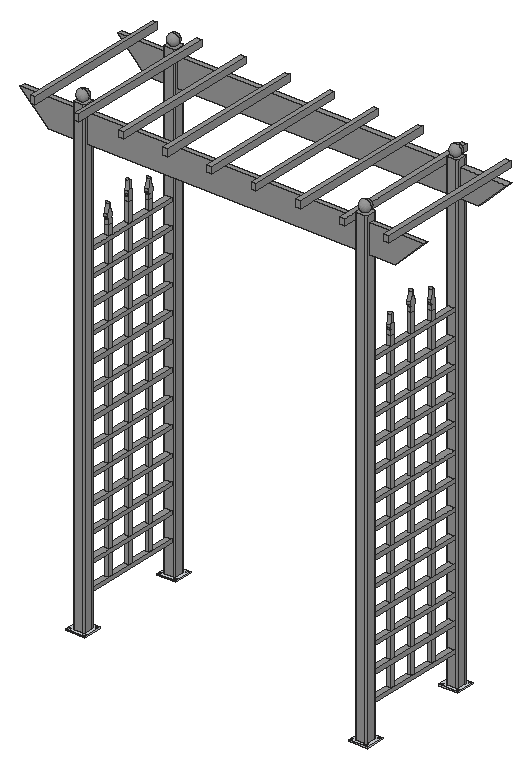
Revit family "Пергола арка «Зимний сад»", category Мебель, Revit 2017
Family settings
  Номер OmniClass = 23.40.20.00
  Заголовок OmniClass = General Furniture and Specialties
  На основе рабочей плоскости = Нет
  Всегда вертикально = Да
  При загрузке вырезать с полостями = Нет
  Общий = Нет
  Точка расчета площади = Нет
Parameters (values of type "Пергола арка «Зимний сад»")
  Стоимость = 29160
  Изготовитель = "ООО \"Хоббика\""
  URL = "https://hobbyka.ru/product/pergola_arka_zimniy_sad/?sphrase_id=72354"
  ADSK_Размер_Ширина = 808 mm
  ADSK_Размер_Длина = 2058 mm
  ADSK_Размер_Высота = 2569 mm
  ADSK_Наименование = "Пергола арка «Зимний сад»"
  ADSK_Материал перголы = Древесина крашеная
  ADSK_Код изделия = "10042"
Reference planes
  plane 1 "По центру (Вперед/Назад)": y = 0
  plane 2: z = 0
  plane 3 "По центру (Влево/Вправо)": x = 0
  plane 4 "1": z = 2506.75
  plane 5: y = 300
  plane 6: y = -300
  plane 7: x = -747.551
  plane 8: z = 5
  plane 9: x = 747.551
Forms (mm)
  Extrusion 1, solid, material "Древесина крашеная" <- "ADSK_Материал перголы"
    sketch origin (0, 0, 0) x (1, 0, 0) y (0, 0, 1)
      loop
        line (1068.996, 2470.05) -> (-1069.004, 2470.05) -> (-920.004, 2321.05) -> (919.996, 2321.05) -> (1068.996, 2470.05)
    from 286 to 314
  Extrusion 2, solid, material "Древесина крашеная" <- "ADSK_Материал перголы"
    sketch origin (0, 600, 0) x (1, 0, 0) y (0, 0, 1)
      loop
        line (1029, 2470.05) -> (-1031.408, 2470.05) -> (-882.408, 2321.05) -> (880, 2321.05) -> (1029, 2470.05)
    from 286 to 314
  Extrusion 3, solid, material "Древесина крашеная" <- "ADSK_Материал перголы"
    sketch origin (0, 0, 0) x (1, 0, 0) y (0, 0, 1)
      loop
        line (-12.5, 2470.05) -> (12.5, 2470.05) -> (12.5, 2505.05) -> (-12.5, 2505.05) -> (-12.5, 2470.05)
      loop
        line (221.625, 2470.05) -> (246.625, 2470.05) -> (246.625, 2505.05) -> (221.625, 2505.05) -> (221.625, 2470.05)
      loop
        line (455.75, 2470.05) -> (480.75, 2470.05) -> (480.75, 2505.05) -> (455.75, 2505.05) -> (455.75, 2470.05)
      loop
        line (689.875, 2470.05) -> (714.875, 2470.05) -> (714.875, 2505.05) -> (689.875, 2505.05) -> (689.875, 2470.05)
      loop
        line (924, 2470.05) -> (949, 2470.05) -> (949, 2505.05) -> (924, 2505.05) -> (924, 2470.05)
      loop
        line (-221.625, 2470.05) -> (-221.625, 2505.05) -> (-246.625, 2505.05) -> (-246.625, 2470.05) -> (-221.625, 2470.05)
      loop
        line (-455.75, 2470.05) -> (-455.75, 2505.05) -> (-480.75, 2505.05) -> (-480.75, 2470.05) -> (-455.75, 2470.05)
      loop
        line (-689.875, 2470.05) -> (-689.875, 2505.05) -> (-714.875, 2505.05) -> (-714.875, 2470.05) -> (-689.875, 2470.05)
      loop
        line (-924, 2470.05) -> (-924, 2505.05) -> (-949, 2505.05) -> (-949, 2470.05) -> (-924, 2470.05)
    from -411 to 397
  Extrusion 4, solid, material "Древесина крашеная" <- "ADSK_Материал перголы", not visible
    sketch origin (0, 0, 0) x (1, 0, 0) y (0, 1, 0)
      loop
        line (-768.004, 330) -> (-812.004, 330)
        arc (-812.004, 330) -> (-817.661, 327.657) -> (-820.004, 322) r 8
        line (-820.004, 322) -> (-820.004, 278)
        arc (-820.004, 278) -> (-817.66, 272.342) -> (-812.001, 270) r 8
        line (-812.001, 270) -> (-768.001, 270)
        arc (-768.001, 270) -> (-762.346, 272.344) -> (-760.004, 278) r 8
        line (-760.004, 278) -> (-760.004, 322)
        arc (-760.004, 322) -> (-762.347, 327.657) -> (-768.004, 330) r 8
      loop
        arc (-768.004, -330) -> (-762.347, -327.657) -> (-760.004, -322) r 8
        line (-760.004, -322) -> (-760.004, -278)
        arc (-760.004, -278) -> (-762.346, -272.344) -> (-768.001, -270) r 8
        line (-768.001, -270) -> (-812.001, -270)
        arc (-812.001, -270) -> (-817.66, -272.342) -> (-820.004, -278) r 8
        line (-820.004, -278) -> (-820.004, -322)
        arc (-820.004, -322) -> (-817.661, -327.657) -> (-812.004, -330) r 8
        line (-812.004, -330) -> (-768.004, -330)
    from 5 to 2506.75
  Revolve 5, solid, material "Древесина крашеная" <- "ADSK_Материал перголы", not visible
    sketch origin (0, -300, 0) x (1, 0, 0) y (0, 0, 1)
      loop
        arc (-790.004, 2506.75) -> (-761.417, 2535.337) -> (-790.004, 2563.924) r 28.587
        line (-790.004, 2563.924) -> (-790.004, 2506.75)
      axis (-790.004, 2563.924) -> (-790.004, 2506.75)
    angle from 0 to 360
  Revolve 6, solid, material "Древесина крашеная" <- "ADSK_Материал перголы", not visible
    sketch origin (0, 300, 0) x (1, 0, 0) y (0, 0, 1)
      loop
        arc (-790.004, 2506.75) -> (-761.417, 2535.337) -> (-790.004, 2563.924) r 28.587
        line (-790.004, 2563.924) -> (-790.004, 2506.75)
      axis (-790.004, 2563.924) -> (-790.004, 2506.75)
    angle from 0 to 360
  Extrusion 7, solid, not visible
    sketch origin (0, 0, 2506.75) x (-1, 0, 0) y (0, -1, 0)
      loop
        line (840.004, -350) -> (840.004, -250) -> (740.004, -250) -> (740.004, -350) -> (840.004, -350)
      loop
        circle (750.004, -340) r 5.5
      loop
        circle (830.004, -340) r 5.5
      loop
        circle (830.004, -260) r 5.5
      loop
        circle (750.004, -260) r 5.5
    from -2506.75 to -2501.75
  Extrusion 8, solid, not visible
    sketch origin (0, -600, 2506.75) x (-1, 0, 0) y (0, -1, 0)
      loop
        line (840.004, -350) -> (840.004, -250) -> (740.004, -250) -> (740.004, -350) -> (840.004, -350)
      loop
        circle (750.004, -340) r 5.5
      loop
        circle (830.004, -340) r 5.5
      loop
        circle (830.004, -260) r 5.5
      loop
        circle (750.004, -260) r 5.5
    from -2506.75 to -2501.75
  Extrusion 9, solid, material "Древесина крашеная" <- "ADSK_Материал перголы", not visible
    sketch origin (0, 0, 0) x (0, 1, 0) y (0, 0, 1)
      loop
        line (-270, 1803.447) -> (-270, 1783.447) -> (270, 1783.447) -> (270, 1803.447) -> (-270, 1803.447)
      loop
        line (-270, 1668.447) -> (-270, 1648.447) -> (270, 1648.447) -> (270, 1668.447) -> (-270, 1668.447)
      loop
        line (-270, 1533.447) -> (-270, 1513.447) -> (270, 1513.447) -> (270, 1533.447) -> (-270, 1533.447)
      loop
        line (-270, 1398.447) -> (-270, 1378.447) -> (270, 1378.447) -> (270, 1398.447) -> (-270, 1398.447)
      loop
        line (-270, 1263.447) -> (-270, 1243.447) -> (270, 1243.447) -> (270, 1263.447) -> (-270, 1263.447)
      loop
        line (-270, 1128.447) -> (-270, 1108.447) -> (270, 1108.447) -> (270, 1128.447) -> (-270, 1128.447)
      loop
        line (-270, 993.447) -> (-270, 973.447) -> (270, 973.447) -> (270, 993.447) -> (-270, 993.447)
      loop
        line (-270, 858.447) -> (-270, 838.447) -> (270, 838.447) -> (270, 858.447) -> (-270, 858.447)
      loop
        line (-270, 723.447) -> (-270, 703.447) -> (270, 703.447) -> (270, 723.447) -> (-270, 723.447)
      loop
        line (-270, 588.447) -> (-270, 568.447) -> (270, 568.447) -> (270, 588.447) -> (-270, 588.447)
      loop
        line (-270, 453.447) -> (-270, 433.447) -> (270, 433.447) -> (270, 453.447) -> (-270, 453.447)
      loop
        line (-270, 318.447) -> (-270, 298.447) -> (270, 298.447) -> (270, 318.447) -> (-270, 318.447)
      loop
        line (-270, 183.447) -> (-270, 163.447) -> (270, 163.447) -> (270, 183.447) -> (-270, 183.447)
    from -805.004 to -775.004
  Extrusion 10, solid, material "Древесина крашеная" <- "ADSK_Материал перголы", not visible
    sketch origin (0, 0, 0) x (0, 1, 0) y (0, 0, 1)
      loop
        line (-145, 1853.447) -> (-145, 183.447) -> (-125, 183.447) -> (-125, 1853.447) -> (-145, 1853.447)
      loop
        line (-10, 183.447) -> (10, 183.447) -> (10, 1903.447) -> (-10, 1903.447) -> (-10, 183.447)
      loop
        line (125, 1853.447) -> (125, 183.447) -> (145, 183.447) -> (145, 1853.447) -> (125, 1853.447)
    from -800.004 to -780.004
  Extrusion 11, solid, material "Древесина крашеная" <- "ADSK_Материал перголы", not visible
    sketch origin (0, 0, 0) x (0, 1, 0) y (0, 0, 1)
      loop
        line (125, 1853.447) -> (145, 1853.447) -> (145, 1876.877) -> (139.755, 1876.877) -> (139.755, 1881.577)
        arc (139.755, 1881.577) -> (143.541, 1883.426) -> (146.096, 1886.776) r 9.149
        arc (146.096, 1886.776) -> (147.82, 1894.876) -> (146.096, 1902.976) r 19.896
        arc (146.096, 1902.976) -> (138.598, 1927.169) -> (137, 1952.447) r 106.92
        arc (137, 1952.447) -> (135, 1954.447) -> (133, 1952.447) r 2
        arc (133, 1952.447) -> (131.402, 1927.169) -> (123.904, 1902.976) r 106.92
        arc (123.904, 1902.976) -> (122.18, 1894.876) -> (123.904, 1886.776) r 19.896
        arc (123.904, 1886.776) -> (126.459, 1883.426) -> (130.245, 1881.577) r 9.149
        line (130.245, 1881.577) -> (130.245, 1876.877) -> (125, 1876.877) -> (125, 1853.447)
      loop
        line (-10, 1903.447) -> (10, 1903.447) -> (10, 1926.877) -> (4.755, 1926.877) -> (4.755, 1931.577)
        arc (4.755, 1931.577) -> (8.541, 1933.426) -> (11.096, 1936.776) r 9.149
        arc (11.096, 1936.776) -> (12.82, 1944.876) -> (11.096, 1952.976) r 19.896
        arc (11.096, 1952.976) -> (3.598, 1977.169) -> (2, 2002.447) r 106.92
        arc (2, 2002.447) -> (0, 2004.447) -> (-2, 2002.447) r 2
        arc (-2, 2002.447) -> (-3.598, 1977.169) -> (-11.096, 1952.976) r 106.92
        arc (-11.096, 1952.976) -> (-12.82, 1944.876) -> (-11.096, 1936.776) r 19.896
        arc (-11.096, 1936.776) -> (-8.541, 1933.426) -> (-4.755, 1931.577) r 9.149
        line (-4.755, 1931.577) -> (-4.755, 1926.877) -> (-10, 1926.877) -> (-10, 1903.447)
      loop
        line (-145, 1853.447) -> (-125, 1853.447) -> (-125, 1876.877) -> (-130.245, 1876.877) -> (-130.245, 1881.577)
        arc (-130.245, 1881.577) -> (-126.459, 1883.426) -> (-123.904, 1886.776) r 9.149
        arc (-123.904, 1886.776) -> (-122.18, 1894.876) -> (-123.904, 1902.976) r 19.896
        arc (-123.904, 1902.976) -> (-131.402, 1927.169) -> (-133, 1952.447) r 106.92
        arc (-133, 1952.447) -> (-135, 1954.447) -> (-137, 1952.447) r 2
        arc (-137, 1952.447) -> (-138.598, 1927.169) -> (-146.096, 1902.976) r 106.92
        arc (-146.096, 1902.976) -> (-147.82, 1894.876) -> (-146.096, 1886.776) r 19.896
        arc (-146.096, 1886.776) -> (-143.541, 1883.426) -> (-139.755, 1881.577) r 9.149
        line (-139.755, 1881.577) -> (-139.755, 1876.877) -> (-145, 1876.877) -> (-145, 1853.447)
    from -800.004 to -780.004
  Extrusion 12, solid, material "Древесина крашеная" <- "ADSK_Материал перголы"
    sketch origin (-42.412, 0, 0) x (-1, 0, 0) y (0, -1, 0)
      loop
        arc (-768.004, -330) -> (-762.347, -327.657) -> (-760.004, -322) r 8
        line (-760.004, -322) -> (-760.004, -278)
        arc (-760.004, -278) -> (-762.346, -272.344) -> (-768.001, -270) r 8
        line (-768.001, -270) -> (-812.001, -270)
        arc (-812.001, -270) -> (-817.66, -272.342) -> (-820.004, -278) r 8
        line (-820.004, -278) -> (-820.004, -322)
        arc (-820.004, -322) -> (-817.661, -327.657) -> (-812.004, -330) r 8
        line (-812.004, -330) -> (-768.004, -330)
      loop
        line (-768.004, 330) -> (-812.004, 330)
        arc (-812.004, 330) -> (-817.661, 327.657) -> (-820.004, 322) r 8
        line (-820.004, 322) -> (-820.004, 278)
        arc (-820.004, 278) -> (-817.66, 272.342) -> (-812.001, 270) r 8
        line (-812.001, 270) -> (-768.001, 270)
        arc (-768.001, 270) -> (-762.346, 272.344) -> (-760.004, 278) r 8
        line (-760.004, 278) -> (-760.004, 322)
        arc (-760.004, 322) -> (-762.347, 327.657) -> (-768.004, 330) r 8
    from 5 to 2506.75
  Revolve 13, solid, material "Древесина крашеная" <- "ADSK_Материал перголы"
    sketch origin (-42.412, 300, 0) x (-1, 0, 0) y (0, 0, 1)
      loop
        arc (-790.004, 2506.75) -> (-761.417, 2535.337) -> (-790.004, 2563.924) r 28.587
        line (-790.004, 2563.924) -> (-790.004, 2506.75)
      axis (-790.004, 2563.924) -> (-790.004, 2506.75)
    angle from 0 to 360
  Revolve 14, solid, material "Древесина крашеная" <- "ADSK_Материал перголы"
    sketch origin (-42.412, -300, 0) x (-1, 0, 0) y (0, 0, 1)
      loop
        arc (-790.004, 2506.75) -> (-761.417, 2535.337) -> (-790.004, 2563.924) r 28.587
        line (-790.004, 2563.924) -> (-790.004, 2506.75)
      axis (-790.004, 2563.924) -> (-790.004, 2506.75)
    angle from 0 to 360
  Extrusion 15, solid
    sketch origin (-42.412, 0, 2506.75) x (1, 0, 0) y (0, 1, 0)
      loop
        line (840.004, 350) -> (740.004, 350) -> (740.004, 250) -> (840.004, 250) -> (840.004, 350)
      loop
        circle (750.004, 340) r 5.5
      loop
        circle (830.004, 340) r 5.5
      loop
        circle (830.004, 260) r 5.5
      loop
        circle (750.004, 260) r 5.5
    from -2506.75 to -2501.75
  Extrusion 16, solid
    sketch origin (-42.412, 600, 2506.75) x (1, 0, 0) y (0, 1, 0)
      loop
        line (840.004, -850) -> (740.004, -850) -> (740.004, -950) -> (840.004, -950) -> (840.004, -850)
      loop
        circle (750.004, -860) r 5.5
      loop
        circle (830.004, -860) r 5.5
      loop
        circle (830.004, -940) r 5.5
      loop
        circle (750.004, -940) r 5.5
    from -2506.75 to -2501.75
  Extrusion 17, solid, material "Древесина крашеная" <- "ADSK_Материал перголы"
    sketch origin (-42.412, 0, 0) x (0, -1, 0) y (0, 0, 1)
      loop
        line (270, 1803.447) -> (-270, 1803.447) -> (-270, 1783.447) -> (270, 1783.447) -> (270, 1803.447)
      loop
        line (270, 1668.447) -> (-270, 1668.447) -> (-270, 1648.447) -> (270, 1648.447) -> (270, 1668.447)
      loop
        line (270, 1533.447) -> (-270, 1533.447) -> (-270, 1513.447) -> (270, 1513.447) -> (270, 1533.447)
      loop
        line (270, 1398.447) -> (-270, 1398.447) -> (-270, 1378.447) -> (270, 1378.447) -> (270, 1398.447)
      loop
        line (270, 1263.447) -> (-270, 1263.447) -> (-270, 1243.447) -> (270, 1243.447) -> (270, 1263.447)
      loop
        line (270, 1128.447) -> (-270, 1128.447) -> (-270, 1108.447) -> (270, 1108.447) -> (270, 1128.447)
      loop
        line (270, 993.447) -> (-270, 993.447) -> (-270, 973.447) -> (270, 973.447) -> (270, 993.447)
      loop
        line (270, 858.447) -> (-270, 858.447) -> (-270, 838.447) -> (270, 838.447) -> (270, 858.447)
      loop
        line (270, 723.447) -> (-270, 723.447) -> (-270, 703.447) -> (270, 703.447) -> (270, 723.447)
      loop
        line (270, 588.447) -> (-270, 588.447) -> (-270, 568.447) -> (270, 568.447) -> (270, 588.447)
      loop
        line (270, 453.447) -> (-270, 453.447) -> (-270, 433.447) -> (270, 433.447) -> (270, 453.447)
      loop
        line (270, 318.447) -> (-270, 318.447) -> (-270, 298.447) -> (270, 298.447) -> (270, 318.447)
      loop
        line (270, 183.447) -> (-270, 183.447) -> (-270, 163.447) -> (270, 163.447) -> (270, 183.447)
    from -805.004 to -775.004
  Extrusion 18, solid, material "Древесина крашеная" <- "ADSK_Материал перголы"
    sketch origin (-42.412, 0, 0) x (0, -1, 0) y (0, 0, 1)
      loop
        line (145, 1853.447) -> (125, 1853.447) -> (125, 183.447) -> (145, 183.447) -> (145, 1853.447)
      loop
        line (10, 183.447) -> (10, 1903.447) -> (-10, 1903.447) -> (-10, 183.447) -> (10, 183.447)
      loop
        line (-125, 1853.447) -> (-145, 1853.447) -> (-145, 183.447) -> (-125, 183.447) -> (-125, 1853.447)
    from -800.004 to -780.004
  Extrusion 19, solid, material "Древесина крашеная" <- "ADSK_Материал перголы"
    sketch origin (-42.412, 0, 0) x (0, -1, 0) y (0, 0, 1)
      loop
        line (-125, 1853.447) -> (-125, 1876.877) -> (-130.245, 1876.877) -> (-130.245, 1881.577)
        arc (-130.245, 1881.577) -> (-126.459, 1883.426) -> (-123.904, 1886.776) r 9.149
        arc (-123.904, 1886.776) -> (-122.18, 1894.876) -> (-123.904, 1902.976) r 19.896
        arc (-123.904, 1902.976) -> (-131.402, 1927.169) -> (-133, 1952.447) r 106.92
        arc (-133, 1952.447) -> (-135, 1954.447) -> (-137, 1952.447) r 2
        arc (-137, 1952.447) -> (-138.598, 1927.169) -> (-146.096, 1902.976) r 106.92
        arc (-146.096, 1902.976) -> (-147.82, 1894.876) -> (-146.096, 1886.776) r 19.896
        arc (-146.096, 1886.776) -> (-143.541, 1883.426) -> (-139.755, 1881.577) r 9.149
        line (-139.755, 1881.577) -> (-139.755, 1876.877) -> (-145, 1876.877) -> (-145, 1853.447) -> (-125, 1853.447)
      loop
        line (10, 1903.447) -> (10, 1926.877) -> (4.755, 1926.877) -> (4.755, 1931.577)
        arc (4.755, 1931.577) -> (8.541, 1933.426) -> (11.096, 1936.776) r 9.149
        arc (11.096, 1936.776) -> (12.82, 1944.876) -> (11.096, 1952.976) r 19.896
        arc (11.096, 1952.976) -> (3.598, 1977.169) -> (2, 2002.447) r 106.92
        arc (2, 2002.447) -> (0, 2004.447) -> (-2, 2002.447) r 2
        arc (-2, 2002.447) -> (-3.598, 1977.169) -> (-11.096, 1952.976) r 106.92
        arc (-11.096, 1952.976) -> (-12.82, 1944.876) -> (-11.096, 1936.776) r 19.896
        arc (-11.096, 1936.776) -> (-8.541, 1933.426) -> (-4.755, 1931.577) r 9.149
        line (-4.755, 1931.577) -> (-4.755, 1926.877) -> (-10, 1926.877) -> (-10, 1903.447) -> (10, 1903.447)
      loop
        line (145, 1853.447) -> (145, 1876.877) -> (139.755, 1876.877) -> (139.755, 1881.577)
        arc (139.755, 1881.577) -> (143.541, 1883.426) -> (146.096, 1886.776) r 9.149
        arc (146.096, 1886.776) -> (147.82, 1894.876) -> (146.096, 1902.976) r 19.896
        arc (146.096, 1902.976) -> (138.598, 1927.169) -> (137, 1952.447) r 106.92
        arc (137, 1952.447) -> (135, 1954.447) -> (133, 1952.447) r 2
        arc (133, 1952.447) -> (131.402, 1927.169) -> (123.904, 1902.976) r 106.92
        arc (123.904, 1902.976) -> (122.18, 1894.876) -> (123.904, 1886.776) r 19.896
        arc (123.904, 1886.776) -> (126.459, 1883.426) -> (130.245, 1881.577) r 9.149
        line (130.245, 1881.577) -> (130.245, 1876.877) -> (125, 1876.877) -> (125, 1853.447) -> (145, 1853.447)
    from -800.004 to -780.004
  Extrusion 20, solid, material "Древесина крашеная" <- "ADSK_Материал перголы"
    sketch origin (42.412, 0, 0) x (1, 0, 0) y (0, 1, 0)
      loop
        line (-768.004, 330) -> (-812.004, 330)
        arc (-812.004, 330) -> (-817.661, 327.657) -> (-820.004, 322) r 8
        line (-820.004, 322) -> (-820.004, 278)
        arc (-820.004, 278) -> (-817.66, 272.342) -> (-812.001, 270) r 8
        line (-812.001, 270) -> (-768.001, 270)
        arc (-768.001, 270) -> (-762.346, 272.344) -> (-760.004, 278) r 8
        line (-760.004, 278) -> (-760.004, 322)
        arc (-760.004, 322) -> (-762.347, 327.657) -> (-768.004, 330) r 8
      loop
        arc (-768.004, -330) -> (-762.347, -327.657) -> (-760.004, -322) r 8
        line (-760.004, -322) -> (-760.004, -278)
        arc (-760.004, -278) -> (-762.346, -272.344) -> (-768.001, -270) r 8
        line (-768.001, -270) -> (-812.001, -270)
        arc (-812.001, -270) -> (-817.66, -272.342) -> (-820.004, -278) r 8
        line (-820.004, -278) -> (-820.004, -322)
        arc (-820.004, -322) -> (-817.661, -327.657) -> (-812.004, -330) r 8
        line (-812.004, -330) -> (-768.004, -330)
    from 5 to 2506.75
  Revolve 21, solid, material "Древесина крашеная" <- "ADSK_Материал перголы"
    sketch origin (42.412, -300, 0) x (1, 0, 0) y (0, 0, 1)
      loop
        arc (-790.004, 2506.75) -> (-761.417, 2535.337) -> (-790.004, 2563.924) r 28.587
        line (-790.004, 2563.924) -> (-790.004, 2506.75)
      axis (-790.004, 2563.924) -> (-790.004, 2506.75)
    angle from 0 to 360
  Revolve 22, solid, material "Древесина крашеная" <- "ADSK_Материал перголы"
    sketch origin (42.412, 300, 0) x (1, 0, 0) y (0, 0, 1)
      loop
        arc (-790.004, 2506.75) -> (-761.417, 2535.337) -> (-790.004, 2563.924) r 28.587
        line (-790.004, 2563.924) -> (-790.004, 2506.75)
      axis (-790.004, 2563.924) -> (-790.004, 2506.75)
    angle from 0 to 360
  Extrusion 23, solid
    sketch origin (42.412, 0, 2506.75) x (-1, 0, 0) y (0, -1, 0)
      loop
        line (840.004, -350) -> (840.004, -250) -> (740.004, -250) -> (740.004, -350) -> (840.004, -350)
      loop
        circle (750.004, -340) r 5.5
      loop
        circle (830.004, -340) r 5.5
      loop
        circle (830.004, -260) r 5.5
      loop
        circle (750.004, -260) r 5.5
    from -2506.75 to -2501.75
  Extrusion 24, solid
    sketch origin (42.412, -600, 2506.75) x (-1, 0, 0) y (0, -1, 0)
      loop
        line (840.004, -350) -> (840.004, -250) -> (740.004, -250) -> (740.004, -350) -> (840.004, -350)
      loop
        circle (750.004, -340) r 5.5
      loop
        circle (830.004, -340) r 5.5
      loop
        circle (830.004, -260) r 5.5
      loop
        circle (750.004, -260) r 5.5
    from -2506.75 to -2501.75
  Extrusion 25, solid, material "Древесина крашеная" <- "ADSK_Материал перголы"
    sketch origin (42.412, 0, 0) x (0, 1, 0) y (0, 0, 1)
      loop
        line (-270, 1803.447) -> (-270, 1783.447) -> (270, 1783.447) -> (270, 1803.447) -> (-270, 1803.447)
      loop
        line (-270, 1668.447) -> (-270, 1648.447) -> (270, 1648.447) -> (270, 1668.447) -> (-270, 1668.447)
      loop
        line (-270, 1533.447) -> (-270, 1513.447) -> (270, 1513.447) -> (270, 1533.447) -> (-270, 1533.447)
      loop
        line (-270, 1398.447) -> (-270, 1378.447) -> (270, 1378.447) -> (270, 1398.447) -> (-270, 1398.447)
      loop
        line (-270, 1263.447) -> (-270, 1243.447) -> (270, 1243.447) -> (270, 1263.447) -> (-270, 1263.447)
      loop
        line (-270, 1128.447) -> (-270, 1108.447) -> (270, 1108.447) -> (270, 1128.447) -> (-270, 1128.447)
      loop
        line (-270, 993.447) -> (-270, 973.447) -> (270, 973.447) -> (270, 993.447) -> (-270, 993.447)
      loop
        line (-270, 858.447) -> (-270, 838.447) -> (270, 838.447) -> (270, 858.447) -> (-270, 858.447)
      loop
        line (-270, 723.447) -> (-270, 703.447) -> (270, 703.447) -> (270, 723.447) -> (-270, 723.447)
      loop
        line (-270, 588.447) -> (-270, 568.447) -> (270, 568.447) -> (270, 588.447) -> (-270, 588.447)
      loop
        line (-270, 453.447) -> (-270, 433.447) -> (270, 433.447) -> (270, 453.447) -> (-270, 453.447)
      loop
        line (-270, 318.447) -> (-270, 298.447) -> (270, 298.447) -> (270, 318.447) -> (-270, 318.447)
      loop
        line (-270, 183.447) -> (-270, 163.447) -> (270, 163.447) -> (270, 183.447) -> (-270, 183.447)
    from -805.004 to -775.004
  Extrusion 26, solid, material "Древесина крашеная" <- "ADSK_Материал перголы"
    sketch origin (42.412, 0, 0) x (0, 1, 0) y (0, 0, 1)
      loop
        line (-145, 1853.447) -> (-145, 183.447) -> (-125, 183.447) -> (-125, 1853.447) -> (-145, 1853.447)
      loop
        line (-10, 183.447) -> (10, 183.447) -> (10, 1903.447) -> (-10, 1903.447) -> (-10, 183.447)
      loop
        line (125, 1853.447) -> (125, 183.447) -> (145, 183.447) -> (145, 1853.447) -> (125, 1853.447)
    from -800.004 to -780.004
  Extrusion 27, solid, material "Древесина крашеная" <- "ADSK_Материал перголы"
    sketch origin (42.412, 0, 0) x (0, 1, 0) y (0, 0, 1)
      loop
        line (125, 1853.447) -> (145, 1853.447) -> (145, 1876.877) -> (139.755, 1876.877) -> (139.755, 1881.577)
        arc (139.755, 1881.577) -> (143.541, 1883.426) -> (146.096, 1886.776) r 9.149
        arc (146.096, 1886.776) -> (147.82, 1894.876) -> (146.096, 1902.976) r 19.896
        arc (146.096, 1902.976) -> (138.598, 1927.169) -> (137, 1952.447) r 106.92
        arc (137, 1952.447) -> (135, 1954.447) -> (133, 1952.447) r 2
        arc (133, 1952.447) -> (131.402, 1927.169) -> (123.904, 1902.976) r 106.92
        arc (123.904, 1902.976) -> (122.18, 1894.876) -> (123.904, 1886.776) r 19.896
        arc (123.904, 1886.776) -> (126.459, 1883.426) -> (130.245, 1881.577) r 9.149
        line (130.245, 1881.577) -> (130.245, 1876.877) -> (125, 1876.877) -> (125, 1853.447)
      loop
        line (-10, 1903.447) -> (10, 1903.447) -> (10, 1926.877) -> (4.755, 1926.877) -> (4.755, 1931.577)
        arc (4.755, 1931.577) -> (8.541, 1933.426) -> (11.096, 1936.776) r 9.149
        arc (11.096, 1936.776) -> (12.82, 1944.876) -> (11.096, 1952.976) r 19.896
        arc (11.096, 1952.976) -> (3.598, 1977.169) -> (2, 2002.447) r 106.92
        arc (2, 2002.447) -> (0, 2004.447) -> (-2, 2002.447) r 2
        arc (-2, 2002.447) -> (-3.598, 1977.169) -> (-11.096, 1952.976) r 106.92
        arc (-11.096, 1952.976) -> (-12.82, 1944.876) -> (-11.096, 1936.776) r 19.896
        arc (-11.096, 1936.776) -> (-8.541, 1933.426) -> (-4.755, 1931.577) r 9.149
        line (-4.755, 1931.577) -> (-4.755, 1926.877) -> (-10, 1926.877) -> (-10, 1903.447)
      loop
        line (-145, 1853.447) -> (-125, 1853.447) -> (-125, 1876.877) -> (-130.245, 1876.877) -> (-130.245, 1881.577)
        arc (-130.245, 1881.577) -> (-126.459, 1883.426) -> (-123.904, 1886.776) r 9.149
        arc (-123.904, 1886.776) -> (-122.18, 1894.876) -> (-123.904, 1902.976) r 19.896
        arc (-123.904, 1902.976) -> (-131.402, 1927.169) -> (-133, 1952.447) r 106.92
        arc (-133, 1952.447) -> (-135, 1954.447) -> (-137, 1952.447) r 2
        arc (-137, 1952.447) -> (-138.598, 1927.169) -> (-146.096, 1902.976) r 106.92
        arc (-146.096, 1902.976) -> (-147.82, 1894.876) -> (-146.096, 1886.776) r 19.896
        arc (-146.096, 1886.776) -> (-143.541, 1883.426) -> (-139.755, 1881.577) r 9.149
        line (-139.755, 1881.577) -> (-139.755, 1876.877) -> (-145, 1876.877) -> (-145, 1853.447)
    from -800.004 to -780.004
Dimensions and locks
  plane 4 "1" to level = 2506.75 mm
  aligned and locked: level to plane 2
